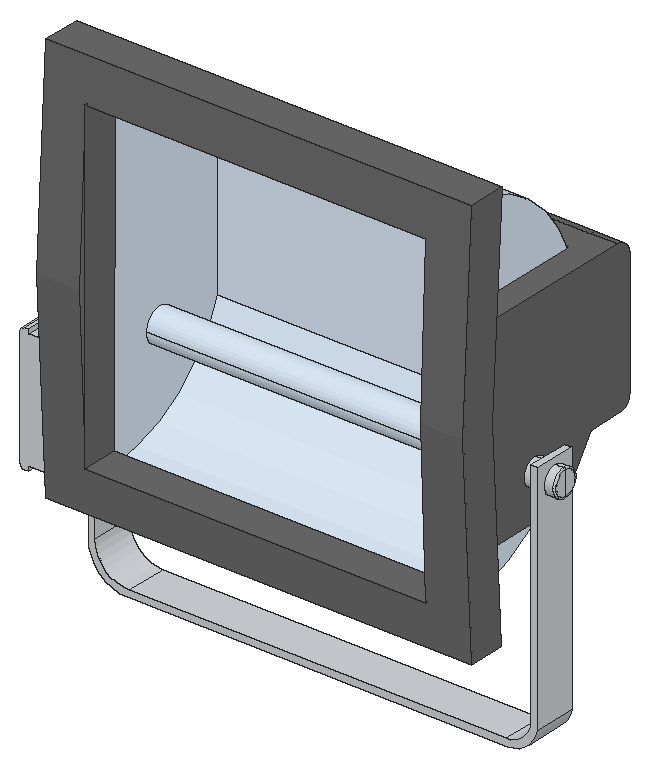
Revit family "Lighting-Proiezione-GEWISS-COLOSSEUM-PROIETTORI_OTTICA_CIRCOLARE", category Apparecchi per illuminazione, host Superficie, Revit 2019
Family settings
  Host = Superficie
  Quota connettore circolare = Usa diametro
  Tipo di parte = Normale
  Numero OmniClass = 23.80.70.11.14
  Titolo OmniClass = General Luminaries, Directional
  Taglio con vuoti quando caricato = No
  Sorgente d'illuminazione = No
  Condiviso = No
  Punto di calcolo locali = Sì
Parameters (values of type "GW84755 - COLOSSEUM CIR. FASCIO MEDIO 2000W MN")
  Voltaggio = 230 V
  Versione file RFA = "20.11"
  URL = "https://www.gewiss.com/it/it"
  Tipo versione = ""
  Superficie massima esposta al vento = "0,25M2"
  Superficie laterale esposta al vento = "0,083M2"
  Staffa = none
  Spessore staffa = 40 mm  # constant formula
  Scheda Tecnica = "https://www.gewiss.com/it/it/search?q=GW84755"
  SIMBOLO [instance] = yes
  SEO = "Proiettore"
  Resistenza agli urti = "IK09"
  Default Elevation = 1219.2 mm
  Produttore = "GEWISS S.p.A."
  Potenza lampada = "2000W"
  Peso (kg): = "16"
  Peso (kg) = "16"
  Ottica = "Circolare - ULOR: 0%"
  Offset etichetta W [instance] = 150 mm
  Numero di poli = 2
  Modello = "GW84755"
  Materiale = "Alluminio"
  Manopola di rotazione = none
  Lampada: = "MN"
  Lampada = "MN"
  L_interna staffa = 515 mm  # constant formula
  Inquinamento luminoso = "0 cd/Klm"
  Immagine tipo = GW84656.jpg
  IFC.TypeObject = ""
  IFC.ExportType = ""
  IFC.ExportAs = ""
  IDT = "36e0c751-5da2-4f5b-b782-3005ce20383a"
  IDF = "5695a8b6-3cb0-4f2f-af48-1678050ede82"
  Grado di protezione = "IP66"
  Fascio = "Medio - 10°"
  ETICHETTA [instance] = yes
  Distanza minima dall'oggetto illuminato = "3M"
  Descrizione = "COLOSSEUM OTTICA CIRCOLARE FASCIO MEDIO 2000W MN"
  Creato da GEWISS S.p.A. = ""
  Corrente lampada: = "11,3A"
  Corrente lampada = "11,3A"
  Colore = "Grigio grafite"
  Codice Electrocod = "2433"
  Codice EAN = "8011564100008"
  Classificazione carico = Illuminazione
  Classe isolamento = "I"
  Certificazione DIN 18032-3 = "Conforme"
  Catalogo Serie = "COLOSSEUM"
  Catalogo = "LIGHTING"
  Carico apparente = 2000 VA
  COBie.Tagnumber = ""
  COBie.CreatedOn = ""
  COBie.CreatebBy = ""
  COBie.ComponentRegisterItemID = ""
  COBie.Component.TagNumber = ""
  COBie.Component.Space = ""
  COBie.Component.SerialNumber = ""
  COBie.Component.InstallationDate = ""
  COBie.Component.Description = ""
  COBie.Component.BarCode = ""
  BIDIMENSIONALE [instance] = not(SIMBOLO)  # no
  Attacco lampada = "K12s/Cavo"
  Applicazione = "Esterno"
Reference planes
  plane 1 "Centro (Fronte/Retro)": y = 0
  plane 2: z = 0
  plane 3 "Centro (Sinistra/Destra)": x = 0
  plane 4: z = 306.868
  plane 5: y = 20
  plane 6: y = -20
  plane 7: x = -257.5
  plane 8: x = 257.5
  plane 9: y = -150
Lines and regions (mm)
  Masking region 1, visible <- "BIDIMENSIONALE"
    outline origin (0, 0, 0) x (1, 0, 0) y (0, 1, 0)
      loop
        line (-265.318, 45) -> (-329.825, 45) -> (-329.825, -45) -> (-265.318, -45) -> (-265.318, -25) -> (-241.5, -25) -> (-241.5, -60.148) -> (-251.5, -60.148) -> (-251.5, -105.146) -> (251.5, -105.146) -> (251.5, -60.148) -> (241.5, -60.148) -> (241.5, -25) -> (265.318, -25) -> (265.318, -16.196) -> (277.893, -16.196) -> (277.893, 15.967) -> (265.318, 15.967) -> (265.318, 25) -> (241.5, 25) -> (241.5, 140) -> (-241.5, 140) -> (-241.5, 25) -> (-265.318, 25) -> (-265.318, 45)
  symbolic lines, visible <- "BIDIMENSIONALE"
    curve 1: line (-329.825, 45, 138.951) -> (-265.318, 45, 138.951)
    curve 2: line (-329.825, -45, 138.951) -> (-329.825, 45, 138.951)
    curve 3: line (-265.318, -45, 138.951) -> (-329.825, -45, 138.951)
    curve 4: line (-265.318, 45, 138.951) -> (-265.318, -45, 138.951)
    curve 5: line (-320.053, 45, 138.951) -> (-320.053, -45, 138.951)
    curve 6: line (-265.318, 25, 138.951) -> (-241.5, 25, 138.951)
    curve 7: line (-265.318, -25, 138.951) -> (-265.318, 25, 138.951)
    curve 8: line (-241.5, -25, 138.951) -> (-265.318, -25, 138.951)
    curve 9: line (-241.5, 25, 138.951) -> (-241.5, -25, 138.951)
    curve 10: line (-257.5, 25, 138.951) -> (-257.5, -25, 138.951)
    curve 11: line (-241.5, -60.148, 138.951) -> (241.5, -60.148, 138.951)
    curve 12: line (-241.5, 140, 138.951) -> (-241.5, -60.148, 138.951)
    curve 13: line (241.5, 140, 138.951) -> (-241.5, 140, 138.951)
    curve 14: line (241.5, -60.148, 138.951) -> (241.5, 140, 138.951)
    curve 15: line (251.5, -60.148, 138.951) -> (-251.5, -60.148, 138.951)
    curve 16: line (251.5, -105.146, 138.951) -> (251.5, -60.148, 138.951)
    curve 17: line (-251.5, -105.146, 138.951) -> (251.5, -105.146, 138.951)
    curve 18: line (-251.5, -60.148, 138.951) -> (-251.5, -105.146, 138.951)
    curve 19: line (265.318, 25, 138.951) -> (241.5, 25, 138.951)
    curve 20: line (265.318, -25, 138.951) -> (265.318, 25, 138.951)
    curve 21: line (241.5, -25, 138.951) -> (265.318, -25, 138.951)
    curve 22: line (241.5, 25, 138.951) -> (241.5, -25, 138.951)
    curve 23: line (265.318, -16.196, 138.951) -> (277.893, -16.196, 138.951)
    curve 24: line (265.318, 15.967, 138.951) -> (265.318, -16.196, 138.951)
    curve 25: line (277.893, 15.967, 138.951) -> (265.318, 15.967, 138.951)
    curve 26: line (277.893, -16.196, 138.951) -> (277.893, 15.967, 138.951)
    curve 27: line (257.5, -25, 138.951) -> (257.5, 25, 138.951)
  symbolic lines, visible <- "BIDIMENSIONALE", not visible
    curve 28: line (-329.825, 45, 138.951) -> (-265.318, 45, 138.951)
    curve 29: line (-329.825, -45, 138.951) -> (-329.825, 45, 138.951)
    curve 30: line (-265.318, -45, 138.951) -> (-329.825, -45, 138.951)
    curve 31: line (-265.318, 45, 138.951) -> (-265.318, -45, 138.951)
    curve 32: line (-320.053, 45, 138.951) -> (-320.053, -45, 138.951)
    curve 33: line (-265.318, 25, 138.951) -> (-241.5, 25, 138.951)
    curve 34: line (-265.318, -25, 138.951) -> (-265.318, 25, 138.951)
    curve 35: line (-241.5, -25, 138.951) -> (-265.318, -25, 138.951)
    curve 36: line (-241.5, 25, 138.951) -> (-241.5, -25, 138.951)
    curve 37: line (-257.5, 25, 138.951) -> (-257.5, -25, 138.951)
    curve 38: line (-241.5, -60.148, 138.951) -> (241.5, -60.148, 138.951)
    curve 39: line (-241.5, 140, 138.951) -> (-241.5, -60.148, 138.951)
    curve 40: line (241.5, 140, 138.951) -> (-241.5, 140, 138.951)
    curve 41: line (241.5, -60.148, 138.951) -> (241.5, 140, 138.951)
    curve 42: line (251.5, -60.148, 138.951) -> (-251.5, -60.148, 138.951)
    curve 43: line (251.5, -105.146, 138.951) -> (251.5, -60.148, 138.951)
    curve 44: line (-251.5, -105.146, 138.951) -> (251.5, -105.146, 138.951)
    curve 45: line (-251.5, -60.148, 138.951) -> (-251.5, -105.146, 138.951)
    curve 46: line (265.318, 25, 138.951) -> (241.5, 25, 138.951)
    curve 47: line (265.318, -25, 138.951) -> (265.318, 25, 138.951)
    curve 48: line (241.5, -25, 138.951) -> (265.318, -25, 138.951)
    curve 49: line (241.5, 25, 138.951) -> (241.5, -25, 138.951)
    curve 50: line (265.318, -16.196, 138.951) -> (277.893, -16.196, 138.951)
    curve 51: line (265.318, 15.967, 138.951) -> (265.318, -16.196, 138.951)
    curve 52: line (277.893, 15.967, 138.951) -> (265.318, 15.967, 138.951)
    curve 53: line (277.893, -16.196, 138.951) -> (277.893, 15.967, 138.951)
    curve 54: line (257.5, -25, 138.951) -> (257.5, 25, 138.951)
Dimensions and locks
  equal spacing: plane 6, plane 1 "Centro (Fronte/Retro)", plane 5
  "Spessore staffa": plane 6 to plane 5
  equal spacing: plane 7, plane 3 "Centro (Sinistra/Destra)", plane 8
  "L_interna staffa": plane 7 to plane 8
  nested 2 to nested 2 = 503 mm
  "Offset etichetta W": plane 1 "Centro (Fronte/Retro)" to plane 9
  aligned and locked: plane 2 to host face
  aligned and locked: level to host face
  aligned and locked: plane 1 "Centro (Fronte/Retro)" to nested 1
  aligned and locked: plane 3 "Centro (Sinistra/Destra)" to nested 1
  aligned and locked: nested 1 to nested 2
  aligned and locked: plane 3 "Centro (Sinistra/Destra)" to nested 3
  aligned and locked: plane 1 "Centro (Fronte/Retro)" to nested 3
  aligned and locked: nested 2 to plane 1 "Centro (Fronte/Retro)"
  aligned and locked: plane 3 "Centro (Sinistra/Destra)" to nested 5
  aligned and locked: nested 5 to plane 2
  aligned and locked: nested 6 to plane 9
  aligned and locked: plane 3 "Centro (Sinistra/Destra)" to nested 6
  aligned and locked: curve 12 to curve 9
  aligned and locked: curve 39 to curve 36
Automatic sketch dimensions
  host sketch curve to host sketch curve = 2438.4 mm  (x2)
  Masking region 1 sketch curve to plane 5 = 25 mm
  Masking region 1 sketch curve to plane 7 = 72.325 mm
  Masking region 1 sketch curve to plane 7 = 7.818 mm  (x2)
  plane 7 to Masking region 1 sketch curve = 6 mm
  Masking region 1 sketch curve to Masking region 1 sketch curve = 10 mm
  Masking region 1 sketch curve to plane 5 = 5 mm  (x2)
  plane 7 to Masking region 1 sketch curve = 16 mm
  Masking region 1 sketch curve to plane 8 = 16 mm  (x2)
  Masking region 1 sketch curve to plane 8 = 6 mm
  plane 8 to Masking region 1 sketch curve = 7.818 mm  (x2)
  Masking region 1 sketch curve to plane 6 = 3.804 mm
  plane 5 to Masking region 1 sketch curve = 4.033 mm
  Masking region 1 sketch curve to Masking region 1 sketch curve = 12.575 mm
  plane 6 to Masking region 1 sketch curve = 5 mm  (x2)
  Masking region 1 sketch curve to Masking region 1 sketch curve = 20 mm
  Masking region 1 sketch curve to Masking region 1 sketch curve = 35.148 mm
  Masking region 1 sketch curve to Masking region 1 sketch curve = 15.148 mm
  Masking region 1 sketch curve to Masking region 1 sketch curve = 44.998 mm
  Masking region 1 sketch curve to Masking region 1 sketch curve = 115 mm
Nested families
  nested 1: "GW - Staffa" at (0, 0, 0), type "GW - Staffa"
  nested 2: "GW - COLOSSEUM" at (0, 0, 129.414) x (-1, 0, 0) z (0, 0, 1), type "GW - COLOSSEUM"
  nested 3: "PROIETTORE" at (0, 0, 138.951), visible <- "SIMBOLO", type "PROIETTORE"
  nested 4: "2D - COLOSSEUM - LAT" at (0, -31.533, 0) x (0, -1, 0) z (1, 0, 0), type "BIDIMENSIONALE"
  nested 5: "2D - COLOSSEUM - FRONTE" at (0, 0, 0) x (1, 0, 0) z (0, -1, 0), type "BIDIMENSIONALE"
  nested 6: "ETICHETTA LIGHT" at (0, -150, 0), visible <- "ETICHETTA", type "ETICHETTA LIGHT"
Connectors
  electrical at (-295.522, 0, 251.903), driven by "Numero di poli", driven by "Classificazione carico", driven by "Voltaggio", driven by "Carico apparente"
    settings: on nested 1, index 1, voltage 230 V, apparent load 0 VA, apparent load phase1 2000 VA, apparent load phase2 0 VA, apparent load phase3 0 VA, power factor 1, load classification "Illuminazione", number of poles 2, system type 31, power factor state 1, is connector primary yes, connector utility no, sub classification motor no, connector description ""
Definition of nested family "GW - Staffa"
  Parameters (values of type "GW - Staffa")
    Staffa = none
    Spessore staffa = 50 mm
    Rotazione = none
    Default Elevation = 1219.2 mm
    L_interna staffa = 515 mm
    IFC.TypeObject = ""
    IFC.ExportType = ""
    IFC.ExportAs = ""
    Centro_rotazione = 276 mm
    COBie.CreatedOn = ""
    COBie.CreatebBy = ""
    COBie.ComponentRegisterItemID = ""
    COBie.Component.TagNumber = ""
    COBie.Component.Space = ""
    COBie.Component.SerialNumber = ""
    COBie.Component.InstallationDate = ""
    COBie.Component.Description = ""
    COBie.Component.BarCode = ""
  Reference planes
    plane 1 "Centro (Fronte/Retro)": y = 0
    plane 2: z = 0
    plane 3 "Centro (Sinistra/Destra)": x = 0
    plane 4: x = -257.5
    plane 5: x = -265.318
    plane 6: x = 257.5
    plane 7: x = 265.318
    plane 8: y = 25
    plane 9: y = -25
    plane 10: z = 8.002
    plane 11: z = 276
    plane 12: z = 307
    plane 13: z = 284.359
    plane 14 "aggancio lampada": x = -241.318
    plane 15: z = 1009.027
    plane 16: y = 45
    plane 17: y = -45
    plane 18: x = 241.318
  Forms (mm)
    Extrusion 1, solid, material <- "Staffa"
      sketch origin (0, 0, 0) x (1, 0, 0) y (0, 0, 1)
        loop
          line (-257.5, 307) -> (-265.318, 307) -> (-265.318, 46.032)
          arc (-265.318, 46.032) -> (-251.836, 13.482) -> (-219.286, 0) r 46.032
          line (-219.286, 0) -> (230.08, 0)
          arc (230.08, 0) -> (252.867, 8.149) -> (265.318, 28.9) r 35.933
          line (265.318, 28.9) -> (265.318, 307) -> (257.5, 307) -> (257.5, 31.592)
          arc (257.5, 31.592) -> (246.998, 14.632) -> (228.184, 8.002) r 30.012
          line (228.184, 8.002) -> (-217.39, 8.002)
          arc (-217.39, 8.002) -> (-245.752, 19.75) -> (-257.5, 48.112) r 40.11
          line (-257.5, 48.112) -> (-257.5, 307)
      from -25 to 25
    Revolve 2, solid, material <- "Rotazione"
      sketch origin (0, 0, 0) x (1, 0, 0) y (0, 0, 1)
        loop
          line (-241.318, 300.366) -> (-276.087, 300.366)
          arc (-276.087, 300.366) -> (-277.455, 299.799) -> (-278.021, 298.431) r 1.935
          line (-278.021, 298.431) -> (-278.021, 284.359) -> (-241.318, 284.359) -> (-241.318, 300.366)
        axis (-278.021, 284.359) -> (-241.318, 284.359)
      angle from 0 to 360
    Revolve 3, solid
      sketch origin (0, 0, 0) x (-1, 0, 0) y (0, 0, 1)
        loop
          line (-241.318, 300.366) -> (-276.087, 300.366)
          arc (-276.087, 300.366) -> (-277.455, 299.799) -> (-278.021, 298.431) r 1.935
          line (-278.021, 298.431) -> (-278.021, 284.359) -> (-241.318, 284.359) -> (-241.318, 300.366)
        axis (-278.021, 284.359) -> (-241.318, 284.359)
      angle from 0 to 360
    Extrusion 4, solid
      sketch origin (0, 0, 0) x (1, 0, 0) y (0, 0, 1)
        loop
          line (-320.053, 111.847) -> (-270.318, 111.847)
          arc (-270.318, 111.847) -> (-266.782, 113.312) -> (-265.318, 116.847) r 5
          line (-265.318, 116.847) -> (-265.318, 246.229)
          arc (-265.318, 246.229) -> (-266.98, 250.241) -> (-270.992, 251.903) r 5.674
          line (-270.992, 251.903) -> (-320.053, 251.903) -> (-320.053, 256.903) -> (-324.825, 256.903)
          arc (-324.825, 256.903) -> (-328.36, 255.439) -> (-329.825, 251.903) r 5
          line (-329.825, 251.903) -> (-329.825, 111.845)
          arc (-329.825, 111.845) -> (-328.36, 108.309) -> (-324.825, 106.845) r 5
          line (-324.825, 106.845) -> (-320.053, 106.845) -> (-320.053, 111.847)
      from -45 to 45
  Dimensions and locks
    locked: plane 4 to plane 5 at 7.818
    locked: plane 7 to plane 6 at 7.818
    locked: plane 10 to level at 8.002
    "Centro_rotazione": plane 11 to plane 2
    equal spacing: plane 6, plane 3 "Centro (Sinistra/Destra)", plane 4
    "L_interna staffa": plane 6 to plane 4
    locked: plane 12 to plane 11 at 31
    equal spacing: plane 8, plane 1 "Centro (Fronte/Retro)", plane 9
    "Spessore staffa": plane 8 to plane 9
    locked: plane 13 to plane 11 at 8.359
    locked: plane 14 "aggancio lampada" to plane 5 at 24
    locked: plane 17 to plane 9 at 20
    locked: plane 8 to plane 16 at 20
    aligned and locked: level to plane 2
    aligned and locked: Extrusion 1 sketch curve to plane 4
    aligned and locked: Extrusion 1 sketch curve to plane 5
    aligned and locked: Extrusion 1 sketch curve to plane 7
    aligned and locked: Extrusion 1 sketch curve to plane 6
    aligned and locked: Extrusion 1 sketch curve to plane 2
    aligned and locked: plane 8 to Extrusion 1
    aligned and locked: Extrusion 1 to plane 9
    aligned and locked: Extrusion 1 to plane 10
    aligned and locked: Extrusion 1 to plane 12  (x2)
    aligned and locked: Revolve 2 to plane 14 "aggancio lampada"
    aligned and locked: plane 16 to Extrusion 4
    aligned and locked: Extrusion 4 to plane 17
    aligned and locked: plane 5 to Extrusion 4
    aligned and locked: Revolve 3 to plane 18
  Automatic sketch dimensions
    Extrusion 1 sketch curve to plane 10 = 0 mm
    Extrusion 1 sketch curve to plane 12 = 0 mm  (x2)
    plane 14 "aggancio lampada" to Extrusion 1 sketch curve = 22.032 mm
    Extrusion 1 sketch curve to Extrusion 1 sketch curve = 1.896 mm  (x2)
    Extrusion 1 sketch curve to plane 6 = 29.316 mm
    level to Extrusion 1 sketch curve = 28.9 mm
    Extrusion 1 sketch curve to Extrusion 1 sketch curve = 2.692 mm
    Revolve 2 sketch curve to plane 13 = 0 mm  (x2)
    Revolve 2 sketch curve to plane 14 "aggancio lampada" = 0 mm
    Revolve 2 sketch curve to plane 5 = 10.769 mm
    Revolve 2 sketch curve to plane 5 = 12.703 mm
    plane 12 to Revolve 2 sketch curve = 8.569 mm
    Revolve 2 sketch curve to Revolve 2 sketch curve = 38.544 mm
    plane 7 to Revolve 2 sketch curve = 131.71 mm
    Revolve 3 sketch curve to plane 13 = 0 mm  (x2)
    Revolve 3 sketch curve to plane 7 = 12.703 mm
    Revolve 3 sketch curve to Revolve 3 sketch curve = 1.935 mm
    plane 6 to Revolve 3 sketch curve = 16.182 mm
    Revolve 3 sketch curve to plane 12 = 8.569 mm
    Revolve 3 sketch curve to Revolve 3 sketch curve = 38.544 mm
    plane 5 to Revolve 3 sketch curve = 131.711 mm
    Extrusion 4 sketch curve to plane 5 = 64.507 mm
    Extrusion 4 sketch curve to Extrusion 4 sketch curve = 5 mm  (x2)
    Extrusion 4 sketch curve to Extrusion 4 sketch curve = 4.772 mm  (x2)
    Extrusion 4 sketch curve to plane 5 = 5.674 mm
    Extrusion 4 sketch curve to plane 5 = 5 mm
    Extrusion 4 sketch curve to plane 5 = 0 mm
    Extrusion 4 sketch curve to plane 10 = 98.843 mm
    Extrusion 4 sketch curve to Extrusion 4 sketch curve = 5.002 mm
    plane 11 to Extrusion 4 sketch curve = 29.771 mm
    Extrusion 4 sketch curve to Extrusion 4 sketch curve = 0 mm
Definition of nested family "GW - COLOSSEUM"
  Parameters (values of type "GW - COLOSSEUM")
    Default Elevation = 1219.2 mm
    Ottica = none
    Lunghezza = 503 mm
    Led = none
    Cornice = none
  Reference planes
    plane 1 "Centro (Fronte/Retro)": y = 0
    plane 2: z = 0
    plane 3 "Centro (Sinistra/Destra)": x = 0
    plane 4: x = -251.5
    plane 5: x = 251.5
    plane 6: y = 140
    plane 7: y = -140
    plane 8: z = 485
    plane 9: x = -201.5
    plane 10: x = 201.5
    plane 11: z = 435
    plane 12: z = 50
    plane 13: x = -209.5
    plane 14: x = 209.5
    plane 15: z = 242.5
    plane 16: z = 154.945
    plane 17: x = -241.5
    plane 18: x = 241.5
  Forms (mm)
    Extrusion 1, solid, material <- "Cornice"
      sketch origin (0, 0, 0) x (0, 1, 0) y (0, 0, 1)
        loop
          arc (60.148, 485) -> (74.904, 242.528) -> (62.105, -0.055) r 2141.49
          line (62.105, -0.055) -> (105.137, -0.055)
          arc (105.137, -0.055) -> (118.461, 242.472) -> (105.146, 485) r 2214.693
          line (105.146, 485) -> (60.148, 485)
      from -251.5 to 251.5
    Extrusion 2, void
      sketch origin (0, 0, 0) x (0, 1, 0) y (0, 0, 1)
        loop
          arc (65.457, 435) -> (74.904, 242.535) -> (67.012, 50) r 2141.49
          line (67.012, 50) -> (110.078, 50)
          arc (110.078, 50) -> (118.461, 242.5) -> (110.081, 435) r 2214.693
          line (110.081, 435) -> (65.457, 435)
      from -201.5 to 201.5
    Extrusion 3, solid, material <- "Ottica"
      sketch origin (0, 0, 0) x (0, 1, 0) y (0, 0, 1)
        loop
          arc (63.576, 454.03) -> (-30.298, 418.358) -> (-89.216, 337.034) r 175.396
          line (-89.216, 337.034) -> (-89.216, 148.023)
          arc (-89.216, 148.023) -> (-29.619, 66.181) -> (65.28, 30.91) r 175.396
          arc (65.28, 30.91) -> (74.904, 242.512) -> (63.576, 454.03) r 2141.49
      from -209.5 to 209.5
    Extrusion 4, void
      sketch origin (0, 0, 0) x (0, 1, 0) y (0, 0, 1)
        loop
          arc (63.984, 450.049) -> (-27.551, 415.422) -> (-85.216, 336.35) r 171.396
          line (-85.216, 336.35) -> (-85.216, 148.706)
          arc (-85.216, 148.706) -> (-26.883, 69.128) -> (65.656, 34.895) r 171.396
          arc (65.656, 34.895) -> (74.904, 242.512) -> (63.984, 450.049) r 2141.49
      from -201.5 to 201.5
    Extrusion 5, solid, material <- "Led"
      sketch origin (0, 0, -87.555) x (0, 1, 0) y (0, 0, 1)
        loop
          circle (0, 242.5) r 20
      from -201.5 to 201.5
    Extrusion 6, solid, material <- "Cornice"
      sketch origin (0, 0, 0) x (0, 1, 0) y (0, 0, 1)
        loop
          line (72.23, 341.215) -> (-122.581, 341.215)
          arc (-122.581, 341.215) -> (-134.898, 336.113) -> (-140, 323.796) r 17.419
          line (-140, 323.796) -> (-140, 176.143)
          arc (-140, 176.143) -> (-135.607, 165.537) -> (-125, 161.143) r 15
          line (-125, 161.143) -> (-82.752, 161.143)
          arc (-82.752, 161.143) -> (-60.239, 128.379) -> (-31.882, 100.518) r 207.136
          line (-31.882, 100.518) -> (70.764, 100.518)
          arc (70.764, 100.518) -> (74.882, 220.846) -> (72.23, 341.215) r 2141.49
      from -241.5 to -209.5
    Extrusion 7, solid, material <- "Cornice"
      sketch origin (0, 0, 0) x (0, 1, 0) y (0, 0, -1)
        loop
          arc (72.23, -341.215) -> (74.882, -220.846) -> (70.764, -100.518) r 2141.49
          line (70.764, -100.518) -> (-31.882, -100.518)
          arc (-31.882, -100.518) -> (-60.239, -128.379) -> (-82.752, -161.143) r 207.136
          line (-82.752, -161.143) -> (-125, -161.143)
          arc (-125, -161.143) -> (-135.607, -165.537) -> (-140, -176.143) r 15
          line (-140, -176.143) -> (-140, -323.796)
          arc (-140, -323.796) -> (-134.898, -336.113) -> (-122.581, -341.215) r 17.419
          line (-122.581, -341.215) -> (72.23, -341.215)
      from -241.5 to -209.5
    Extrusion 8, solid, material <- "Cornice"
      sketch origin (0, 0, 0) x (0, 1, 0) y (0, 0, 1)
        loop
          line (-89.216, 341.215) -> (-122.581, 341.215)
          arc (-122.581, 341.215) -> (-134.898, 336.113) -> (-140, 323.796) r 17.419
          line (-140, 323.796) -> (-140, 176.143)
          arc (-140, 176.143) -> (-135.607, 165.537) -> (-125, 161.143) r 15
          line (-125, 161.143) -> (-89.216, 161.143) -> (-89.216, 341.215)
      from -209.5 to 209.5
  Cuts and joins
    Extrusion 2 cuts Extrusion 1
    Extrusion 4 cuts Extrusion 3
    Extrusion 2 cuts Extrusion 6
    joined: Extrusion 6, Extrusion 7, Extrusion 8
  Dimensions and locks
    equal spacing: plane 4, plane 3 "Centro (Sinistra/Destra)", plane 5
    equal spacing: plane 6, plane 1 "Centro (Fronte/Retro)", plane 7
    equal spacing: plane 5, plane 3 "Centro (Sinistra/Destra)", plane 4
    plane 8 to plane 2 = 485 mm
    "Lunghezza": plane 5 to plane 4
    locked: plane 8 to plane 11 at 50
    locked: plane 9 to plane 4 at 50
    locked: plane 12 to plane 2 at 50
    locked: plane 5 to plane 10 at 50
    locked: plane 9 to plane 13 at 8
    locked: plane 14 to plane 10 at 8
    equal spacing: plane 8, plane 15, plane 2
    plane 16 to cut or joined group of Extrusion 1, Extrusion 2 = 155 mm
    locked: plane 17 to plane 4 at 10
    locked: plane 5 to plane 18 at 10
    aligned and locked: level to plane 2
    aligned and locked: Extrusion 1 to plane 4
    aligned and locked: plane 5 to Extrusion 1
    aligned and locked: plane 8 to Extrusion 1
    aligned and locked: Extrusion 2 sketch curve to plane 11
    aligned and locked: Extrusion 2 sketch curve to plane 12
    aligned and locked: Extrusion 2 to plane 9
    aligned and locked: plane 10 to Extrusion 2
    aligned and locked: Extrusion 4 to plane 9
    aligned and locked: plane 10 to Extrusion 4
    aligned and locked: Extrusion 3 to plane 13
    aligned and locked: plane 14 to Extrusion 3
    aligned and locked: Extrusion 5 to plane 9
    aligned and locked: plane 10 to Extrusion 5
    aligned and locked: Extrusion 6 to plane 17
    aligned and locked: plane 13 to cut or joined group of Extrusion 2, Extrusion 6, Extrusion 7, Extrusion 8
    aligned and locked: cut or joined group of Extrusion 3, Extrusion 4 to Extrusion 8  (x2)
    aligned and locked: plane 18 to Extrusion 7
  Automatic sketch dimensions
    Extrusion 1 sketch curve to plane 8 = 0 mm
    plane 15 to Extrusion 1 sketch curve = 0.015 mm
    Extrusion 1 sketch curve to plane 7 = 1956.232 mm
    Extrusion 1 sketch curve to plane 15 = 8.611 mm
    Extrusion 1 sketch curve to Extrusion 1 sketch curve = 29.663 mm
    Extrusion 1 sketch curve to plane 1 "Centro (Fronte/Retro)" = 60.148 mm
    Extrusion 1 sketch curve to level = 0.055 mm
    Extrusion 1 sketch curve to plane 6 = 34.863 mm
    plane 15 to Extrusion 2 sketch curve = 0.015 mm
    Extrusion 2 sketch curve to plane 7 = 1956.232 mm
    Extrusion 2 sketch curve to plane 15 = 8.611 mm
    Extrusion 2 sketch curve to Extrusion 2 sketch curve = 29.663 mm
    Extrusion 2 sketch curve to plane 1 "Centro (Fronte/Retro)" = 65.457 mm
    Extrusion 2 sketch curve to plane 6 = 29.922 mm
    Extrusion 3 sketch curve to plane 15 = 8.611 mm
    Extrusion 3 sketch curve to plane 7 = 1926.569 mm
    plane 7 to Extrusion 3 sketch curve = 50.784 mm
    plane 15 to Extrusion 3 sketch curve = 36.598 mm
    Extrusion 3 sketch curve to plane 6 = 63.664 mm  (x2)
    Extrusion 3 sketch curve to plane 15 = 36.542 mm
    Extrusion 3 sketch curve to plane 16 = 6.922 mm
    plane 15 to Extrusion 3 sketch curve = 94.534 mm
    plane 11 to Extrusion 3 sketch curve = 19.03 mm
    Extrusion 4 sketch curve to plane 15 = 8.611 mm
    Extrusion 4 sketch curve to plane 7 = 1926.569 mm
    plane 7 to Extrusion 4 sketch curve = 54.784 mm
    Extrusion 4 sketch curve to plane 15 = 36.542 mm
    Extrusion 4 sketch curve to plane 6 = 63.664 mm  (x2)
    plane 15 to Extrusion 4 sketch curve = 36.598 mm
    Extrusion 4 sketch curve to plane 16 = 6.239 mm
    plane 15 to Extrusion 4 sketch curve = 93.85 mm
    plane 11 to Extrusion 4 sketch curve = 15.049 mm
    Extrusion 5 sketch curve to plane 1 "Centro (Fronte/Retro)" = 0 mm
    Extrusion 5 sketch curve to plane 16 = 0 mm
    Extrusion 6 sketch curve to plane 7 = 0 mm
    Extrusion 6 sketch curve to plane 15 = 8.611 mm
    Extrusion 6 sketch curve to plane 7 = 1926.569 mm
    plane 16 to Extrusion 6 sketch curve = 6.198 mm
    plane 7 to Extrusion 6 sketch curve = 15 mm
    plane 7 to Extrusion 6 sketch curve = 17.419 mm
    Extrusion 6 sketch curve to Extrusion 6 sketch curve = 42.248 mm
    plane 1 "Centro (Fronte/Retro)" to Extrusion 6 sketch curve = 31.882 mm
    Extrusion 6 sketch curve to plane 6 = 69.236 mm
    Extrusion 6 sketch curve to plane 6 = 67.77 mm
    plane 15 to Extrusion 6 sketch curve = 19.023 mm
    Extrusion 6 sketch curve to plane 6 = 41.564 mm
    Extrusion 7 sketch curve to plane 7 = 0 mm
    Extrusion 7 sketch curve to plane 15 = 8.611 mm
    Extrusion 7 sketch curve to plane 7 = 1926.569 mm
    plane 16 to Extrusion 7 sketch curve = 6.198 mm
    plane 7 to Extrusion 7 sketch curve = 15 mm
    plane 7 to Extrusion 7 sketch curve = 17.419 mm
    Extrusion 7 sketch curve to Extrusion 7 sketch curve = 42.248 mm
    plane 1 "Centro (Fronte/Retro)" to Extrusion 7 sketch curve = 31.882 mm
    Extrusion 7 sketch curve to plane 6 = 69.236 mm
    Extrusion 7 sketch curve to plane 6 = 67.77 mm
    plane 15 to Extrusion 7 sketch curve = 19.023 mm
    Extrusion 7 sketch curve to plane 6 = 41.564 mm
    Extrusion 8 sketch curve to plane 7 = 0 mm
    plane 7 to Extrusion 8 sketch curve = 17.419 mm
    plane 15 to Extrusion 8 sketch curve = 81.296 mm
    plane 7 to Extrusion 8 sketch curve = 15 mm
    Extrusion 8 sketch curve to Extrusion 8 sketch curve = 35.784 mm
    plane 16 to Extrusion 8 sketch curve = 6.198 mm
    radius of Extrusion 5 sketch curve = 20 mm
Definition of nested family "PROIETTORE"
  Reference planes
    plane 1 "Centro (Fronte/Retro)": y = 0
    plane 2: z = 0
    plane 3 "Centro (Sinistra/Destra)": x = 0
  Lines and regions (mm)
    detail lines, in view "Livello rif."
      curve 1: arc (38.588, -80.972, 0) -> (56.481, 0, 0) -> (38.588, 80.972, 0) r 192.159
      curve 2: arc (-28.784, -60.401, 0) -> (3.649, -74.79, 0) -> (38.588, -80.972, 0) r 146.716
      curve 3: arc (-28.784, 60.401, 0) -> (-59.936, 0, 0) -> (-28.784, -60.401, 0) r 74.132
      curve 4: arc (38.588, 80.972, 0) -> (3.649, 74.79, 0) -> (-28.784, 60.401, 0) r 146.716
      curve 5: line (-28.784, -60.401, 0) -> (38.588, 80.972, 0)
      curve 6: line (38.588, 80.972, 0) -> (38.588, -80.972, 0)
      curve 7: line (38.588, -80.972, 0) -> (-28.784, 60.401, 0)
Definition of nested family "2D - COLOSSEUM - LAT"
  Reference planes
    plane 1 "Centro (Fronte/Retro)": y = 0
    plane 2: z = 0
    plane 3 "Centro (Sinistra/Destra)": x = 0
  Lines and regions (mm)
    Masking region 1, in view "Livello rif."
      outline origin (0, 0, 0) x (1, 0, 0) y (0, 1, 0)
        loop
          line (28.614, 614.415) -> (32.477, 583.358)
          arc (32.477, 583.358) -> (-58.52, 548.486) -> (-123.646, 475.994) r 208.001
          arc (-123.646, 475.994) -> (-123.624, 471.579) -> (-119.796, 469.378) r 4.428
          line (-119.796, 469.378) -> (-156.684, 469.378)
          arc (-156.684, 469.378) -> (-167.294, 464.984) -> (-171.689, 454.374) r 15.005
          line (-171.689, 454.374) -> (-171.689, 303.985)
          arc (-171.689, 303.985) -> (-167.396, 293.621) -> (-157.031, 289.327) r 14.658
          line (-157.031, 289.327) -> (-127.182, 289.327)
          arc (-127.182, 289.327) -> (-130.355, 288.013) -> (-131.669, 284.84) r 4.487
          arc (-131.669, 284.84) -> (-104.005, 237.735) -> (-64.216, 200.304) r 192.374
          line (-64.216, 200.304) -> (-64.216, 120.569) -> (-70.646, 120.569)
          arc (-70.646, 120.569) -> (-77.515, 113.7) -> (-70.646, 106.831) r 6.869
          line (-70.646, 106.831) -> (-44.015, 106.831) -> (-44.015, 101.831) -> (-47.433, 101.831) -> (-47.433, 81.825) -> (-48.9, 81.825) -> (-48.9, 76.823) -> (-27.506, 76.823) -> (-22.036, 0) -> (22.036, 0) -> (14.429, 106.831) -> (37.01, 106.831)
          arc (37.01, 106.831) -> (43.879, 113.7) -> (37.01, 120.569) r 6.869
          line (37.01, 120.569) -> (30.581, 120.569) -> (30.581, 129.281) -> (63.05, 129.281)
          arc (63.05, 129.281) -> (69.87, 131.73) -> (73.574, 137.957) r 10.721
          arc (73.574, 137.957) -> (87.242, 371.667) -> (73.574, 605.377) r 2004.977
          arc (73.574, 605.377) -> (69.708, 611.659) -> (62.865, 614.415) r 11.794
          line (62.865, 614.415) -> (28.614, 614.415)
    detail lines, in view "Livello rif."
      curve 1: line (-22.52, 76.823, 0) -> (-27.506, 76.823, 0)
      curve 2: line (-22.52, 81.825, 0) -> (-22.52, 76.823, 0)
      curve 3: line (-44.015, 101.831, 0) -> (-23.984, 101.831, 0)
      curve 4: line (-23.984, 101.831, 0) -> (-23.984, 81.825, 0)
      curve 5: line (-44.015, 106.831, 0) -> (-44.015, 101.831, 0)
      curve 6: line (-27.404, 106.831, 0) -> (-27.404, 101.831, 0)
      curve 7: line (-58.528, 256.875, 0) -> (-70.646, 256.875, 0)
      curve 8: line (-70.646, 256.875, 0) -> (-71.196, 256.852, 0)
      curve 9: line (-71.196, 256.852, 0) -> (-71.734, 256.785, 0)
      curve 10: line (-71.734, 256.785, 0) -> (-72.258, 256.675, 0)
      curve 11: line (-72.258, 256.675, 0) -> (-72.766, 256.525, 0)
      curve 12: line (-72.766, 256.525, 0) -> (-73.257, 256.335, 0)
      curve 13: line (-73.257, 256.335, 0) -> (-73.729, 256.108, 0)
      curve 14: line (-73.729, 256.108, 0) -> (-74.179, 255.846, 0)
      curve 15: line (-74.179, 255.846, 0) -> (-74.608, 255.549, 0)
      curve 16: line (-74.608, 255.549, 0) -> (-75.011, 255.221, 0)
      curve 17: line (-75.011, 255.221, 0) -> (-75.389, 254.863, 0)
      curve 18: line (-75.389, 254.863, 0) -> (-75.739, 254.476, 0)
      curve 19: line (-75.739, 254.476, 0) -> (-76.06, 254.062, 0)
      curve 20: line (-76.06, 254.062, 0) -> (-76.349, 253.624, 0)
      curve 21: line (-76.349, 253.624, 0) -> (-76.606, 253.163, 0)
      curve 22: line (-76.606, 253.163, 0) -> (-76.827, 252.68, 0)
      curve 23: line (-76.827, 252.68, 0) -> (-77.012, 252.177, 0)
      curve 24: line (-77.012, 252.177, 0) -> (-77.16, 251.657, 0)
      curve 25: line (-77.16, 251.657, 0) -> (-77.267, 251.12, 0)
      curve 26: line (-77.267, 251.12, 0) -> (-77.332, 250.57, 0)
      curve 27: line (-77.332, 250.57, 0) -> (-77.354, 250.006, 0)
      curve 28: line (-77.354, 250.006, 0) -> (-77.332, 249.443, 0)
      curve 29: line (-77.332, 249.443, 0) -> (-77.267, 248.892, 0)
      curve 30: line (-77.267, 248.892, 0) -> (-77.159, 248.356, 0)
      curve 31: line (-77.159, 248.356, 0) -> (-77.012, 247.835, 0)
      curve 32: line (-77.012, 247.835, 0) -> (-76.827, 247.333, 0)
      curve 33: line (-76.827, 247.333, 0) -> (-76.606, 246.85, 0)
      curve 34: line (-76.606, 246.85, 0) -> (-76.349, 246.388, 0)
      curve 35: line (-76.349, 246.388, 0) -> (-76.06, 245.95, 0)
      curve 36: line (-76.06, 245.95, 0) -> (-75.739, 245.536, 0)
      curve 37: line (-75.739, 245.536, 0) -> (-75.389, 245.15, 0)
      curve 38: line (-75.389, 245.15, 0) -> (-75.011, 244.791, 0)
      curve 39: line (-75.011, 244.791, 0) -> (-74.607, 244.463, 0)
      curve 40: line (-74.607, 244.463, 0) -> (-74.179, 244.167, 0)
      curve 41: line (-74.179, 244.167, 0) -> (-73.728, 243.904, 0)
      curve 42: line (-73.728, 243.904, 0) -> (-73.256, 243.677, 0)
      curve 43: line (-73.256, 243.677, 0) -> (-72.766, 243.488, 0)
      curve 44: line (-72.766, 243.488, 0) -> (-72.257, 243.337, 0)
      curve 45: line (-72.257, 243.337, 0) -> (-71.733, 243.227, 0)
      curve 46: line (-71.733, 243.227, 0) -> (-71.195, 243.16, 0)
      curve 47: line (-71.195, 243.16, 0) -> (-70.645, 243.138, 0)
      curve 48: line (-70.645, 243.138, 0) -> (-64.216, 243.138, 0)
      curve 49: line (-64.216, 243.138, 0) -> (-64.216, 200.04, 0)
      curve 50: line (-44.015, 106.831, 0) -> (14.433, 106.831, 0)
      curve 51: line (30.581, 243.138, 0) -> (37.011, 243.138, 0)
      curve 52: line (37.011, 243.138, 0) -> (37.562, 243.16, 0)
      curve 53: line (37.562, 243.16, 0) -> (38.1, 243.227, 0)
      curve 54: line (38.1, 243.227, 0) -> (38.624, 243.337, 0)
      curve 55: line (38.624, 243.337, 0) -> (39.132, 243.488, 0)
      curve 56: line (39.132, 243.488, 0) -> (39.623, 243.677, 0)
      curve 57: line (39.623, 243.677, 0) -> (40.095, 243.904, 0)
      curve 58: line (40.095, 243.904, 0) -> (40.546, 244.167, 0)
      curve 59: line (40.546, 244.167, 0) -> (40.974, 244.463, 0)
      curve 60: line (40.974, 244.463, 0) -> (41.378, 244.791, 0)
      curve 61: line (41.378, 244.791, 0) -> (41.756, 245.15, 0)
      curve 62: line (41.756, 245.15, 0) -> (42.106, 245.536, 0)
      curve 63: line (42.106, 245.536, 0) -> (42.427, 245.95, 0)
      curve 64: line (42.427, 245.95, 0) -> (42.716, 246.388, 0)
      curve 65: line (42.716, 246.388, 0) -> (42.973, 246.85, 0)
      curve 66: line (42.973, 246.85, 0) -> (43.194, 247.333, 0)
      curve 67: line (43.194, 247.333, 0) -> (43.379, 247.835, 0)
      curve 68: line (43.379, 247.835, 0) -> (43.526, 248.356, 0)
      curve 69: line (43.526, 248.356, 0) -> (43.634, 248.892, 0)
      curve 70: line (43.634, 248.892, 0) -> (43.699, 249.443, 0)
      curve 71: line (43.699, 249.443, 0) -> (43.721, 250.006, 0)
      curve 72: line (43.721, 250.006, 0) -> (43.699, 250.57, 0)
      curve 73: line (43.699, 250.57, 0) -> (43.634, 251.121, 0)
      curve 74: line (43.634, 251.121, 0) -> (43.526, 251.657, 0)
      curve 75: line (43.526, 251.657, 0) -> (43.379, 252.178, 0)
      curve 76: line (43.379, 252.178, 0) -> (43.194, 252.68, 0)
      curve 77: line (43.194, 252.68, 0) -> (42.973, 253.163, 0)
      curve 78: line (42.973, 253.163, 0) -> (42.716, 253.625, 0)
      curve 79: line (42.716, 253.625, 0) -> (42.427, 254.063, 0)
      curve 80: line (42.427, 254.063, 0) -> (42.106, 254.477, 0)
      curve 81: line (42.106, 254.477, 0) -> (41.756, 254.863, 0)
      curve 82: line (41.756, 254.863, 0) -> (41.378, 255.222, 0)
      curve 83: line (41.378, 255.222, 0) -> (40.974, 255.55, 0)
      curve 84: line (40.974, 255.55, 0) -> (40.546, 255.846, 0)
      curve 85: line (40.546, 255.846, 0) -> (40.095, 256.109, 0)
      curve 86: line (40.095, 256.109, 0) -> (39.623, 256.336, 0)
      curve 87: line (39.623, 256.336, 0) -> (39.132, 256.525, 0)
      curve 88: line (39.132, 256.525, 0) -> (38.624, 256.676, 0)
      curve 89: line (38.624, 256.676, 0) -> (38.1, 256.785, 0)
      curve 90: line (38.1, 256.785, 0) -> (37.562, 256.853, 0)
      curve 91: line (37.562, 256.853, 0) -> (37.011, 256.875, 0)
      curve 92: line (37.011, 256.875, 0) -> (24.894, 256.875, 0)
      curve 93: line (24.894, 256.875, 0) -> (-58.528, 256.875, 0)
      curve 94: line (-58.528, 256.875, 0) -> (24.894, 256.875, 0)
      curve 95: line (-134.285, 290.911, 0) -> (-134.285, 467.887, 0)
      curve 96: line (-120.709, 290.606, 0) -> (-120.709, 467.887, 0)
      curve 97: line (-108.504, 285.414, 0) -> (-106.896, 282.241, 0)
      curve 98: line (-106.896, 282.241, 0) -> (-105.239, 279.113, 0)
      curve 99: line (-105.239, 279.113, 0) -> (-103.534, 276.03, 0)
      curve 100: line (-103.534, 276.03, 0) -> (-101.784, 272.994, 0)
      curve 101: line (-101.784, 272.994, 0) -> (-99.988, 270.005, 0)
      curve 102: line (-99.988, 270.005, 0) -> (-98.15, 267.064, 0)
      curve 103: line (-98.15, 267.064, 0) -> (-96.27, 264.172, 0)
      curve 104: line (-96.27, 264.172, 0) -> (-94.35, 261.331, 0)
      curve 105: line (-94.35, 261.331, 0) -> (-92.391, 258.541, 0)
      curve 106: line (-92.391, 258.541, 0) -> (-90.395, 255.803, 0)
      curve 107: line (-90.395, 255.803, 0) -> (-88.363, 253.119, 0)
      curve 108: line (-88.363, 253.119, 0) -> (-86.297, 250.488, 0)
      curve 109: line (-86.297, 250.488, 0) -> (-84.198, 247.913, 0)
      curve 110: line (-84.198, 247.913, 0) -> (-82.068, 245.394, 0)
      curve 111: line (-82.068, 245.394, 0) -> (-79.907, 242.932, 0)
      curve 112: line (-79.907, 242.932, 0) -> (-77.719, 240.528, 0)
      curve 113: line (-77.719, 240.528, 0) -> (-75.503, 238.184, 0)
      curve 114: line (-75.503, 238.184, 0) -> (-73.262, 235.899, 0)
      curve 115: line (-73.262, 235.899, 0) -> (-70.997, 233.675, 0)
      curve 116: line (-70.997, 233.675, 0) -> (-64.216, 228.617, 0)
      curve 117: line (-108.461, 285.437, 0) -> (-108.666, 285.823, 0)
      curve 118: line (-108.666, 285.823, 0) -> (-108.892, 286.191, 0)
      curve 119: line (-108.892, 286.191, 0) -> (-109.136, 286.541, 0)
      curve 120: line (-109.136, 286.541, 0) -> (-109.399, 286.872, 0)
      curve 121: line (-109.399, 286.872, 0) -> (-109.678, 287.183, 0)
      curve 122: line (-109.678, 287.183, 0) -> (-109.972, 287.475, 0)
      curve 123: line (-109.972, 287.475, 0) -> (-110.282, 287.748, 0)
      curve 124: line (-110.282, 287.748, 0) -> (-110.605, 288, 0)
      curve 125: line (-110.605, 288, 0) -> (-110.941, 288.231, 0)
      curve 126: line (-110.941, 288.231, 0) -> (-111.289, 288.442, 0)
      curve 127: line (-111.289, 288.442, 0) -> (-111.647, 288.632, 0)
      curve 128: line (-111.647, 288.632, 0) -> (-112.016, 288.8, 0)
      curve 129: line (-112.016, 288.8, 0) -> (-112.394, 288.946, 0)
      curve 130: line (-112.394, 288.946, 0) -> (-112.779, 289.07, 0)
      curve 131: line (-112.779, 289.07, 0) -> (-113.172, 289.171, 0)
      curve 132: line (-113.172, 289.171, 0) -> (-113.57, 289.25, 0)
      curve 133: line (-113.57, 289.25, 0) -> (-113.974, 289.305, 0)
      curve 134: line (-113.974, 289.305, 0) -> (-114.381, 289.337, 0)
      curve 135: line (-114.381, 289.337, 0) -> (-114.792, 289.344, 0)
      curve 136: line (-114.792, 289.344, 0) -> (-115.204, 289.327, 0)
      curve 137: line (-115.204, 289.327, 0) -> (-127.119, 289.327, 0)
      curve 138: line (-157.031, 469.378, 0) -> (40.91, 469.378, 0)
      curve 139: line (-124.172, 473.865, 0) -> (-124.158, 473.498, 0)
      curve 140: line (-124.158, 473.498, 0) -> (-124.115, 473.139, 0)
      curve 141: line (-124.115, 473.139, 0) -> (-124.045, 472.789, 0)
      curve 142: line (-124.045, 472.789, 0) -> (-123.949, 472.449, 0)
      curve 143: line (-123.949, 472.449, 0) -> (-123.828, 472.121, 0)
      curve 144: line (-123.828, 472.121, 0) -> (-123.684, 471.806, 0)
      curve 145: line (-123.684, 471.806, 0) -> (-123.517, 471.505, 0)
      curve 146: line (-123.517, 471.505, 0) -> (-123.328, 471.219, 0)
      curve 147: line (-123.328, 471.219, 0) -> (-123.119, 470.949, 0)
      curve 148: line (-123.119, 470.949, 0) -> (-122.891, 470.697, 0)
      curve 149: line (-122.891, 470.697, 0) -> (-122.644, 470.463, 0)
      curve 150: line (-122.644, 470.463, 0) -> (-122.381, 470.249, 0)
      curve 151: line (-122.381, 470.249, 0) -> (-122.101, 470.056, 0)
      curve 152: line (-122.101, 470.056, 0) -> (-121.807, 469.885, 0)
      curve 153: line (-121.807, 469.885, 0) -> (-121.5, 469.737, 0)
      curve 154: line (-121.5, 469.737, 0) -> (-121.179, 469.613, 0)
      curve 155: line (-121.179, 469.613, 0) -> (-120.848, 469.515, 0)
      curve 156: line (-120.848, 469.515, 0) -> (-120.506, 469.444, 0)
      curve 157: line (-120.506, 469.444, 0) -> (-120.155, 469.4, 0)
      curve 158: line (-120.155, 469.4, 0) -> (-119.796, 469.385, 0)
      curve 159: line (37.011, 256.875, 0) -> (40.845, 273.017, 0)
      curve 160: line (40.845, 273.017, 0) -> (41.108, 278.506, 0)
      curve 161: line (41.108, 278.506, 0) -> (41.356, 283.984, 0)
      curve 162: line (41.356, 283.984, 0) -> (41.589, 289.448, 0)
      curve 163: line (41.589, 289.448, 0) -> (41.806, 294.894, 0)
      curve 164: line (41.806, 294.894, 0) -> (42.009, 300.318, 0)
      curve 165: line (42.009, 300.318, 0) -> (42.197, 305.717, 0)
      curve 166: line (42.197, 305.717, 0) -> (42.37, 311.087, 0)
      curve 167: line (42.37, 311.087, 0) -> (42.528, 316.423, 0)
      curve 168: line (42.528, 316.423, 0) -> (42.671, 321.722, 0)
      curve 169: line (42.671, 321.722, 0) -> (42.799, 326.981, 0)
      curve 170: line (42.799, 326.981, 0) -> (42.912, 332.195, 0)
      curve 171: line (42.912, 332.195, 0) -> (43.01, 337.361, 0)
      curve 172: line (43.01, 337.361, 0) -> (43.092, 342.475, 0)
      curve 173: line (43.092, 342.475, 0) -> (43.16, 347.533, 0)
      curve 174: line (43.16, 347.533, 0) -> (43.212, 352.531, 0)
      curve 175: line (43.212, 352.531, 0) -> (43.25, 357.466, 0)
      curve 176: line (43.25, 357.466, 0) -> (43.272, 362.333, 0)
      curve 177: line (43.272, 362.333, 0) -> (43.272, 367.129, 0)
      curve 178: line (43.272, 367.129, 0) -> (43.272, 371.85, 0)
      curve 179: line (43.272, 371.85, 0) -> (43.231, 384.664, 0)
      curve 180: line (43.231, 384.664, 0) -> (43.112, 397.452, 0)
      curve 181: line (43.112, 397.452, 0) -> (42.916, 410.205, 0)
      curve 182: line (42.916, 410.205, 0) -> (42.642, 422.917, 0)
      curve 183: line (42.642, 422.917, 0) -> (42.293, 435.579, 0)
      curve 184: line (42.293, 435.579, 0) -> (41.868, 448.184, 0)
      curve 185: line (41.868, 448.184, 0) -> (41.37, 460.724, 0)
      curve 186: line (41.37, 460.724, 0) -> (40.799, 473.192, 0)
      curve 187: line (40.799, 473.192, 0) -> (40.156, 485.581, 0)
      curve 188: line (40.156, 485.581, 0) -> (39.442, 497.882, 0)
      curve 189: line (39.442, 497.882, 0) -> (38.657, 510.088, 0)
      curve 190: line (38.657, 510.088, 0) -> (37.804, 522.191, 0)
      curve 191: line (37.804, 522.191, 0) -> (36.883, 534.184, 0)
      curve 192: line (36.883, 534.184, 0) -> (35.895, 546.06, 0)
      curve 193: line (35.895, 546.06, 0) -> (34.841, 557.81, 0)
      curve 194: line (34.841, 557.81, 0) -> (33.722, 569.427, 0)
      curve 195: line (33.722, 569.427, 0) -> (32.538, 580.904, 0)
      curve 196: line (32.538, 580.904, 0) -> (31.292, 592.233, 0)
      curve 197: line (31.292, 592.233, 0) -> (29.984, 603.406, 0)
      curve 198: line (29.984, 603.406, 0) -> (28.614, 614.415, 0)
      curve 199: line (3.757, 256.875, 0) -> (1.687, 285.96, 0)
      curve 200: line (-42.165, 282.69, 0) -> (-40.327, 256.875, 0)
      curve 201: line (20.84, 117.252, 0) -> (20.84, 246.456, 0)
      curve 202: line (18.804, 248.539, 0) -> (-52.117, 248.539, 0)
      curve 203: line (-54.152, 246.456, 0) -> (-54.152, 117.252, 0)
      curve 204: line (-52.117, 115.168, 0) -> (18.804, 115.168, 0)
      curve 205: line (3.352, 262.563, 0) -> (4.154, 263.51, 0)
      curve 206: line (4.154, 263.51, 0) -> (4.914, 264.478, 0)
      curve 207: line (4.914, 264.478, 0) -> (5.632, 265.467, 0)
      curve 208: line (5.632, 265.467, 0) -> (6.308, 266.477, 0)
      curve 209: line (6.308, 266.477, 0) -> (6.942, 267.504, 0)
      curve 210: line (6.942, 267.504, 0) -> (7.535, 268.55, 0)
      curve 211: line (7.535, 268.55, 0) -> (8.087, 269.611, 0)
      curve 212: line (8.087, 269.611, 0) -> (8.597, 270.688, 0)
      curve 213: line (8.597, 270.688, 0) -> (9.067, 271.778, 0)
      curve 214: line (9.067, 271.778, 0) -> (9.494, 272.881, 0)
      curve 215: line (9.494, 272.881, 0) -> (9.881, 273.995, 0)
      curve 216: line (9.881, 273.995, 0) -> (10.226, 275.119, 0)
      curve 217: line (10.226, 275.119, 0) -> (10.531, 276.252, 0)
      curve 218: line (10.531, 276.252, 0) -> (10.794, 277.392, 0)
      curve 219: line (10.794, 277.392, 0) -> (11.016, 278.539, 0)
      curve 220: line (11.016, 278.539, 0) -> (11.198, 279.691, 0)
      curve 221: line (11.198, 279.691, 0) -> (11.339, 280.847, 0)
      curve 222: line (11.339, 280.847, 0) -> (11.438, 282.006, 0)
      curve 223: line (11.438, 282.006, 0) -> (11.498, 283.166, 0)
      curve 224: line (11.498, 283.166, 0) -> (11.516, 284.326, 0)
      curve 225: line (11.516, 284.326, 0) -> (11.411, 286.992, 0)
      curve 226: line (11.411, 286.992, 0) -> (11.101, 289.599, 0)
      curve 227: line (11.101, 289.599, 0) -> (10.594, 292.138, 0)
      curve 228: line (10.594, 292.138, 0) -> (9.898, 294.601, 0)
      curve 229: line (9.898, 294.601, 0) -> (9.021, 296.98, 0)
      curve 230: line (9.021, 296.98, 0) -> (7.972, 299.265, 0)
      curve 231: line (7.972, 299.265, 0) -> (6.759, 301.45, 0)
      curve 232: line (6.759, 301.45, 0) -> (5.389, 303.525, 0)
      curve 233: line (5.389, 303.525, 0) -> (3.872, 305.482, 0)
      curve 234: line (3.872, 305.482, 0) -> (2.215, 307.313, 0)
      curve 235: line (2.215, 307.313, 0) -> (0.427, 309.009, 0)
      curve 236: line (0.427, 309.009, 0) -> (-1.485, 310.562, 0)
      curve 237: line (-1.485, 310.562, 0) -> (-3.512, 311.964, 0)
      curve 238: line (-3.512, 311.964, 0) -> (-5.646, 313.206, 0)
      curve 239: line (-5.646, 313.206, 0) -> (-7.878, 314.28, 0)
      curve 240: line (-7.878, 314.28, 0) -> (-10.202, 315.177, 0)
      curve 241: line (-10.202, 315.177, 0) -> (-12.608, 315.89, 0)
      curve 242: line (-12.608, 315.89, 0) -> (-15.088, 316.409, 0)
      curve 243: line (-15.088, 316.409, 0) -> (-17.634, 316.727, 0)
      curve 244: line (-17.634, 316.727, 0) -> (-20.239, 316.834, 0)
      curve 245: line (-20.239, 316.834, 0) -> (-22.843, 316.727, 0)
      curve 246: line (-22.843, 316.727, 0) -> (-25.39, 316.409, 0)
      curve 247: line (-25.39, 316.409, 0) -> (-27.87, 315.89, 0)
      curve 248: line (-27.87, 315.89, 0) -> (-30.276, 315.177, 0)
      curve 249: line (-30.276, 315.177, 0) -> (-32.599, 314.28, 0)
      curve 250: line (-32.599, 314.28, 0) -> (-34.832, 313.206, 0)
      curve 251: line (-34.832, 313.206, 0) -> (-36.966, 311.964, 0)
      curve 252: line (-36.966, 311.964, 0) -> (-38.993, 310.562, 0)
      curve 253: line (-38.993, 310.562, 0) -> (-40.905, 309.009, 0)
      curve 254: line (-40.905, 309.009, 0) -> (-42.693, 307.313, 0)
      curve 255: line (-42.693, 307.313, 0) -> (-44.35, 305.482, 0)
      curve 256: line (-44.35, 305.482, 0) -> (-45.867, 303.525, 0)
      curve 257: line (-45.867, 303.525, 0) -> (-47.236, 301.45, 0)
      curve 258: line (-47.236, 301.45, 0) -> (-48.45, 299.265, 0)
      curve 259: line (-48.45, 299.265, 0) -> (-49.499, 296.98, 0)
      curve 260: line (-49.499, 296.98, 0) -> (-50.375, 294.601, 0)
      curve 261: line (-50.375, 294.601, 0) -> (-51.071, 292.138, 0)
      curve 262: line (-51.071, 292.138, 0) -> (-51.579, 289.599, 0)
      curve 263: line (-51.579, 289.599, 0) -> (-51.889, 286.992, 0)
      curve 264: line (-51.889, 286.992, 0) -> (-51.994, 284.326, 0)
      curve 265: line (-51.994, 284.326, 0) -> (-51.961, 282.827, 0)
      curve 266: line (-51.961, 282.827, 0) -> (-51.863, 281.346, 0)
      curve 267: line (-51.863, 281.346, 0) -> (-51.7, 279.883, 0)
      curve 268: line (-51.7, 279.883, 0) -> (-51.475, 278.441, 0)
      curve 269: line (-51.475, 278.441, 0) -> (-51.189, 277.021, 0)
      curve 270: line (-51.189, 277.021, 0) -> (-50.843, 275.623, 0)
      curve 271: line (-50.843, 275.623, 0) -> (-50.438, 274.251, 0)
      curve 272: line (-50.438, 274.251, 0) -> (-49.977, 272.904, 0)
      curve 273: line (-49.977, 272.904, 0) -> (-49.459, 271.584, 0)
      curve 274: line (-49.459, 271.584, 0) -> (-48.888, 270.294, 0)
      curve 275: line (-48.888, 270.294, 0) -> (-48.264, 269.034, 0)
      curve 276: line (-48.264, 269.034, 0) -> (-47.588, 267.805, 0)
      curve 277: line (-47.588, 267.805, 0) -> (-46.862, 266.61, 0)
      curve 278: line (-46.862, 266.61, 0) -> (-46.088, 265.45, 0)
      curve 279: line (-46.088, 265.45, 0) -> (-45.266, 264.325, 0)
      curve 280: line (-45.266, 264.325, 0) -> (-44.399, 263.238, 0)
      curve 281: line (-44.399, 263.238, 0) -> (-43.487, 262.189, 0)
      curve 282: line (-43.487, 262.189, 0) -> (-42.532, 261.181, 0)
      curve 283: line (-42.532, 261.181, 0) -> (-41.535, 260.215, 0)
      curve 284: line (-41.535, 260.215, 0) -> (-40.499, 259.293, 0)
      curve 285: arc (1.687, 285.96, 0) -> (-21.817, 306.487, 0) -> (-42.176, 282.837, 0) r 21.988
      curve 286: arc (18.804, 248.539, 0) -> (20.244, 247.943, 0) -> (20.84, 246.504, 0) r 2.036
      curve 287: arc (-52.117, 248.539, 0) -> (-53.556, 247.943, 0) -> (-54.152, 246.504, 0) r 2.036
      curve 288: arc (18.804, 115.168, 0) -> (20.244, 115.765, 0) -> (20.84, 117.204, 0) r 2.036
      curve 289: arc (-52.117, 115.168, 0) -> (-53.556, 115.765, 0) -> (-54.152, 117.204, 0) r 2.036
      curve 290: line (30.581, 243.138, 0) -> (30.581, 129.281, 0)
Definition of nested family "2D - COLOSSEUM - FRONTE"
  Reference planes
    plane 1 "Centro (Fronte/Retro)": y = 0
    plane 2: z = 0
    plane 3 "Centro (Sinistra/Destra)": x = 0
  Lines and regions (mm)
    Masking region 1, in view "Livello rif."
      outline origin (0, 0, 0) x (1, 0, 0) y (0, 1, 0)
        loop
          line (222.287, 614.42) -> (-222.287, 614.42)
          arc (-222.287, 614.42) -> (-243.014, 605.834) -> (-251.6, 585.107) r 29.313
          line (-251.6, 585.107) -> (-251.6, 316.834) -> (-257.682, 316.834) -> (-257.682, 306.831) -> (-265.5, 306.831) -> (-265.5, 300.33) -> (-278.201, 300.33) -> (-278.201, 268.32) -> (-265.5, 268.32) -> (-265.5, 251.873) -> (-313.877, 251.873) -> (-313.877, 256.875) -> (-317.296, 256.875) -> (-317.296, 251.873) -> (-320.228, 251.873) -> (-320.228, 256.875) -> (-325.113, 256.875)
          arc (-325.113, 256.875) -> (-328.568, 255.444) -> (-329.999, 251.99) r 4.885
          line (-329.999, 251.99) -> (-329.999, 111.834)
          arc (-329.999, 111.834) -> (-328.534, 108.297) -> (-324.997, 106.832) r 5.002
          line (-324.997, 106.832) -> (-320.228, 106.832) -> (-320.228, 111.834) -> (-317.296, 111.834) -> (-317.296, 106.832) -> (-313.877, 106.832) -> (-313.877, 111.834) -> (-306.549, 111.834) -> (-306.549, 106.832) -> (-301.663, 106.832) -> (-301.663, 101.83) -> (-305.082, 101.83) -> (-305.082, 81.825) -> (-306.549, 81.825) -> (-306.549, 76.823) -> (-280.168, 76.823) -> (-280.168, 81.825) -> (-281.632, 81.825) -> (-281.632, 101.83) -> (-285.052, 101.83) -> (-285.052, 106.832) -> (-280.168, 106.832) -> (-280.168, 111.834) -> (-271.372, 111.834)
          arc (-271.372, 111.834) -> (-267.918, 113.265) -> (-266.487, 116.719) r 4.886
          line (-266.487, 116.719) -> (-265.5, 116.719) -> (-265.5, 38.009)
          arc (-265.5, 38.009) -> (-254.367, 11.132) -> (-227.49, 0) r 38.009
          line (-227.49, 0) -> (228.37, 0)
          arc (228.37, 0) -> (254.625, 10.875) -> (265.5, 37.13) r 37.13
          line (265.5, 37.13) -> (265.5, 268.32) -> (278.202, 268.32) -> (278.202, 300.329) -> (265.5, 300.329) -> (265.5, 306.831) -> (257.683, 306.831) -> (257.683, 316.834) -> (251.601, 316.834) -> (251.601, 585.106)
          arc (251.601, 585.106) -> (243.015, 605.834) -> (222.287, 614.42) r 29.313
        loop
          line (-257.694, 251.816) -> (-257.694, 38.311)
          arc (-257.694, 38.311) -> (-248.808, 16.857) -> (-227.355, 7.971) r 30.34
          line (-227.355, 7.971) -> (227.645, 7.971)
          arc (227.645, 7.971) -> (248.885, 16.769) -> (257.683, 38.009) r 30.038
          line (257.683, 38.009) -> (257.683, 251.816) -> (251.458, 251.816) -> (251.458, 155.686)
          arc (251.458, 155.686) -> (243.715, 136.994) -> (225.023, 129.251) r 26.435
          line (225.023, 129.251) -> (-221.562, 129.251)
          arc (-221.562, 129.251) -> (-242.802, 138.049) -> (-251.6, 159.289) r 30.038
          line (-251.6, 159.289) -> (-251.6, 251.816) -> (-257.694, 251.816)
    model lines, in view "Livello rif."
      curve 1: line (-313.877, 256.875, 0) -> (-313.877, 106.832, 0)
      curve 2: line (-317.296, 106.832, 0) -> (-317.296, 256.875, 0)
      curve 3: line (-320.228, 256.875, 0) -> (-320.228, 106.832, 0)
      curve 4: line (251.601, 251.816, 0) -> (251.601, 316.834, 0)
      curve 5: line (251.601, 584.41, 0) -> (251.503, 586.872, 0)
      curve 6: line (251.503, 586.872, 0) -> (251.216, 589.278, 0)
      curve 7: line (-251.216, 589.278, 0) -> (-251.503, 586.872, 0)
      curve 8: line (-251.503, 586.872, 0) -> (-251.6, 584.41, 0)
      curve 9: line (-251.6, 316.834, 0) -> (-251.6, 251.816, 0)
      curve 10: line (-271.372, 111.834, 0) -> (-270.972, 111.85, 0)
      curve 11: line (-270.972, 111.85, 0) -> (-270.58, 111.898, 0)
      curve 12: line (-270.58, 111.898, 0) -> (-270.198, 111.978, 0)
      curve 13: line (-270.198, 111.978, 0) -> (-269.828, 112.088, 0)
      curve 14: line (-269.828, 112.088, 0) -> (-269.471, 112.226, 0)
      curve 15: line (-269.471, 112.226, 0) -> (-269.127, 112.391, 0)
      curve 16: line (-269.127, 112.391, 0) -> (-268.799, 112.582, 0)
      curve 17: line (-268.799, 112.582, 0) -> (-268.487, 112.798, 0)
      curve 18: line (-268.487, 112.798, 0) -> (-268.193, 113.037, 0)
      curve 19: line (-268.193, 113.037, 0) -> (-267.918, 113.298, 0)
      curve 20: line (-267.918, 113.298, 0) -> (-267.663, 113.579, 0)
      curve 21: line (-267.663, 113.579, 0) -> (-267.429, 113.881, 0)
      curve 22: line (-267.429, 113.881, 0) -> (-267.219, 114.2, 0)
      curve 23: line (-267.219, 114.2, 0) -> (-267.032, 114.536, 0)
      curve 24: line (-267.032, 114.536, 0) -> (-266.871, 114.887, 0)
      curve 25: line (-266.871, 114.887, 0) -> (-266.736, 115.253, 0)
      curve 26: line (-266.736, 115.253, 0) -> (-266.629, 115.632, 0)
      curve 27: line (-266.629, 115.632, 0) -> (-266.551, 116.023, 0)
      curve 28: line (-266.551, 116.023, 0) -> (-266.503, 116.424, 0)
      curve 29: line (-266.503, 116.424, 0) -> (-266.487, 116.834, 0)
      curve 30: line (-266.487, 116.834, 0) -> (-266.487, 246.717, 0)
      curve 31: line (-266.487, 246.717, 0) -> (-266.616, 247.127, 0)
      curve 32: line (-266.616, 247.127, 0) -> (-266.664, 247.528, 0)
      curve 33: line (-266.664, 247.528, 0) -> (-266.742, 247.919, 0)
      curve 34: line (-266.742, 247.919, 0) -> (-266.849, 248.297, 0)
      curve 35: line (-266.849, 248.297, 0) -> (-266.984, 248.664, 0)
      curve 36: line (-266.984, 248.664, 0) -> (-267.145, 249.015, 0)
      curve 37: line (-267.145, 249.015, 0) -> (-267.332, 249.351, 0)
      curve 38: line (-267.332, 249.351, 0) -> (-267.543, 249.67, 0)
      curve 39: line (-267.543, 249.67, 0) -> (-267.776, 249.971, 0)
      curve 40: line (-267.776, 249.971, 0) -> (-268.031, 250.253, 0)
      curve 41: line (-268.031, 250.253, 0) -> (-268.306, 250.514, 0)
      curve 42: line (-268.306, 250.514, 0) -> (-268.6, 250.753, 0)
      curve 43: line (-268.6, 250.753, 0) -> (-268.912, 250.969, 0)
      curve 44: line (-268.912, 250.969, 0) -> (-269.24, 251.16, 0)
      curve 45: line (-269.24, 251.16, 0) -> (-269.584, 251.325, 0)
      curve 46: line (-269.584, 251.325, 0) -> (-269.941, 251.463, 0)
      curve 47: line (-269.941, 251.463, 0) -> (-270.311, 251.573, 0)
      curve 48: line (-270.311, 251.573, 0) -> (-270.693, 251.652, 0)
      curve 49: line (-270.693, 251.652, 0) -> (-271.085, 251.701, 0)
      curve 50: line (-271.085, 251.701, 0) -> (-271.485, 251.718, 0)
      curve 51: line (-192.974, 564.418, 0) -> (-192.974, 179.295, 0)
